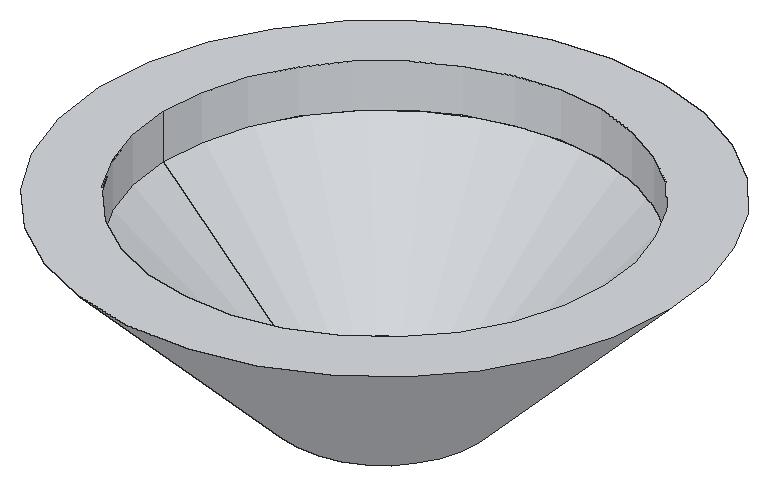
Revit family "Specialty_Equipment-Planter-Planters_Unlimited-Modern-Akio-rev", category Specialty Equipment, Revit 2023
Family settings
  Round Connector Dimension = Use Diameter
  Part Type = Normal
  OmniClass Number = 23.40.05.21.17
  OmniClass Title = Planters
  Work Plane-Based = No
  Enable Cutting in Views = No
  Always vertical = Yes
  Cut with Voids When Loaded = No
  Maintain Annotation Orientation = No
  Shared = No
  Room Calculation Point = No
Parameters (values of type "18" Dia x6"H")
  Width Drainage = 0' - 1.1811"
  URL = "https://www.plantersunlimited.com"
  Type Comments = "Akio Fiberglass Low Bowl Planter"  # constant formula
  Model = "Lunetta Fiberglass Low Bowl Planter"  # constant formula
  Manufacturer = "Planters Unlimited"  # constant formula
  Description = "Modular Planting Bed"  # constant formula
  Default Elevation = 0' - 0"
  CD_Width = 1' - 6"
  CD_Specification = "https://www.plantersunlimited.com/content/Planters/F1-AKI-R.pdf"
  CD_Height = 0' - 6"
  CD_Diameter Min = CD_Width / 3  # 0' - 6"
  CD_Product Page URL = "https://www.plantersunlimited.com/lightweight-low-bowl/"
  CD_Product Name [instance] = "Low Bowl Planter"  # constant formula
  CD_Offset = 0' - 0.12598"
  CD_Microsite = "https://www.caddetails.com/3404"
  CD_Diameter = 0' - 0"
  CD_Finish = Matte-Semi Glos-Gloss-Sand
  CD_Created By = "CADdetails LTD. 2025"  # constant formula
  Base thickness = 0' - 0.3937"
  Assembly Code = "G2050600"
Types (6): name | Width Drainage | CD_Width | CD_Height | CD_Diameter Min
  (no name) | 0' - 1.1811" | 1' - 6" | 0' - 6" | 0' - 6"
  26" Dia x8"H | 0' - 1.1811" | 2' - 2" | 0' - 8" | 0' - 8.66667"
  31.5" Dia x10.5"H | 0' - 1.9685" | 2' - 7 1/2" | 0' - 10 1/2" | 0' - 10 1/2"
  18" Dia x6"H | 0' - 1.1811" | 1' - 6" | 0' - 6" | 0' - 6"
  43.5" Dia x17.5"H | 0' - 3.00787" | 3' - 7 1/2" | 1' - 5 1/2" | 1' - 2 1/2"
  60" Dia x20"H | 0' - 3.00787" | 5' - 0" | 1' - 8" | 1' - 8"
Reference planes (in)
  plane 1 "Center (Front/Back)": y = 0
  plane 2: z = 0
  plane 3 "Center (Left/Right)": x = 0
  plane 4 "Front": y = 0
  plane 5 "Back": y = 0
  plane 6 "Top": z = 6
  plane 7 "Bottom of Bin": z = 0
  plane 8 "Bottom of Bed": z = 0.12598
  plane 9: x = -3
  plane 10: x = 3
  plane 11 "Center L/CC": z = 0.51969
  plane 12: y = 3
  plane 13: y = -3
  plane 14: x = -9
  plane 15: x = 9
Forms (in)
  Extrusion 1, solid, material "Matte-Semi Glos-Gloss-Sand", not visible, detail levels medium+fine
    sketch origin (0, 0, 0) x (1, 0, 0) y (0, 1, 0)
      loop
        line (-0.59055, 0.83465) -> (0.59055, 0.83465) -> (0.59055, 2.01575) -> (-0.59055, 2.01575) -> (-0.59055, 0.83465)
      loop
        line (-0.59055, -0.83465) -> (-0.59055, -2.01575) -> (0.59055, -2.01575) -> (0.59055, -0.83465) -> (-0.59055, -0.83465)
      loop
        line (0.83465, 0.59055) -> (0.83465, -0.59055) -> (2.01575, -0.59055) -> (2.01575, 0.59055) -> (0.83465, 0.59055)
      loop
        line (-0.83465, 0.59055) -> (-2.01575, 0.59055) -> (-2.01575, -0.59055) -> (-0.83465, -0.59055) -> (-0.83465, 0.59055)
    from 0 to 0.12598
  Extrusion 2, solid
    sketch origin (0, 0, 0) x (1, 0, 0) y (0, 1, 0)
      loop
        circle (0, 0) r 3
    from 0.12598 to 0.51969
  Sweep 3, solid
    path origin (0, 0, 0.12598) x (-1, 0, 0) y (0, -1, 0)
      loop
        circle (0, 0) r 9
    profile origin (-9, 0, 0.12598) x (-1, 0, 0) y (0, 0, 1)
      loop
        line (0, 5.87402) -> (-0.56343, 5.87402) -> (-6.56343, 0) -> (-6, 0) -> (0, 5.87402)
  Sweep 4, solid
    path origin (0, 0, 6) x (-1, 0, 0) y (0, -1, 0)
      loop
        circle (0, 0) r 9
    profile origin (-9, 0, 6) x (1, 0, 0) y (0, 0, 1)
      loop
        line (0, 0) -> (2.00787, -1.5748) -> (2.00787, 0) -> (0, 0)
Cuts and joins
  joined: Extrusion 2, Sweep 3, Sweep 4
Dimensions and locks (in)
  "CD_Diameter": plane 4 "Front" to plane 5 "Back"
  equal spacing: plane 4 "Front", plane 1 "Center (Front/Back)", plane 5 "Back"
  locked: plane 7 "Bottom of Bin" to level
  "CD_Diameter Min": plane 10 to plane 9
  equal spacing: plane 10, plane 3 "Center (Left/Right)", plane 9
  "Base thickness": plane 11 "Center L/CC" to plane 8 "Bottom of Bed"
  equal spacing: plane 13, plane 1 "Center (Front/Back)", plane 12
  "CD_Diameter Min": plane 12 to plane 13
  "CD_Offset": plane 8 "Bottom of Bed" to level
  equal spacing: plane 15, plane 3 "Center (Left/Right)", plane 14
  "CD_Width": plane 15 to plane 14
  equal spacing: plane 14, plane 3 "Center (Left/Right)", plane 15
  locked: plane 12 to Extrusion 1 sketch curve at 0.98425
  "Width Drainage": Extrusion 1 sketch curve to Extrusion 1 sketch curve  (x6)
  locked: Extrusion 1 sketch curve to plane 13 at 0.98425
  equal spacing: Extrusion 1 sketch curve, plane 3 "Center (Left/Right)", Extrusion 1 sketch curve
  Extrusion 1 sketch curve to Extrusion 1 sketch curve = 0' - 1.1811"
  equal spacing: Extrusion 1 sketch curve, plane 5 "Back", Extrusion 1 sketch curve
  locked: Extrusion 1 sketch curve to plane 10 at 0.98425
  locked: plane 9 to Extrusion 1 sketch curve at 0.98425
  "CD_Height": plane 6 "Top" to level
  locked: Sweep 3 sketch curve to plane 14 at 0.56343
  locked: Sweep 3 sketch curve to plane 9 at 0.56343
  "CD_Width": diameter of Sweep 3 sketch curve
  "CD_Diameter Min": diameter of Extrusion 2 sketch curve
  aligned and locked: level to plane 2
  aligned and locked: Extrusion 1 sketch curve to Extrusion 1 sketch curve  (x4)
  aligned and locked: Extrusion 1 to plane 8 "Bottom of Bed"
  aligned and locked: Extrusion 2 to plane 11 "Center L/CC"
  aligned and locked: plane 8 "Bottom of Bed" to Extrusion 2
  aligned and locked: plane 14 to Sweep 3 sketch curve
  aligned and locked: plane 6 "Top" to Sweep 3 sketch curve
  aligned and locked: plane 8 "Bottom of Bed" to Sweep 3 sketch curve  (x2)
  aligned and locked: plane 9 to Sweep 3 sketch curve
  aligned and locked: Sweep 4 sketch curve to Sweep 3  (x2)
Automatic sketch dimensions
  profile plane to Sweep 4 sketch curve = 0' - 0"
  Sweep 4 sketch curve to plane 6 "Top" = 0' - 0"
  Sweep 4 sketch curve to profile plane = 0' - 2.00787"
  Sweep 4 sketch curve to Sweep 4 sketch curve = 0' - 1.5748"
  plane 1 "Center (Front/Back)" to Extrusion 2 sketch curve = 0' - 0"
  Extrusion 2 sketch curve to plane 9 = 0' - 0"
  plane 1 "Center (Front/Back)" to Sweep 3 sketch curve = 0' - 0"
  Sweep 3 sketch curve to plane 3 "Center (Left/Right)" = 0' - 0"
